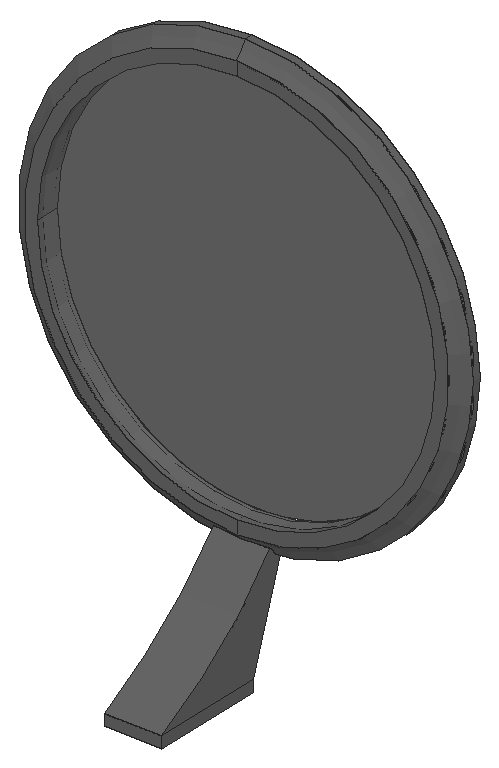
Revit family "UR-Ouro Arm Mount", category Lighting Fixtures, host Face, Revit 2021
Family settings
  Host = Face
  Round Connector Dimension = Use Diameter
  Part Type = Normal
  OmniClass Number = 23.80.70.14.21
  OmniClass Title = Street and Roadway Lighting
  Cut with Voids When Loaded = No
  Light Source = Yes
  Shared = No
  Room Calculation Point = No
Parameters (values of type "UR20-24L-25-4K7-5R-CLR")
  zz Radius 1 = if(UR28, 12.750", 8.750")  # 8.750"
  zz Length 2 = if(UR28, 4.900", 4.800")  # 4.800"
  zz Length 1 = if(UR28, 28.000", 20.000")  # 20.000"
  zz Height 2 = if(UR28, 4.400", 3.500")  # 3.500"
  zz Height 1 = if(UR28, 5.900", 5.700")  # 5.700"
  Watts = 25 W
  Wattage Comments = "Ouro 20 delivers up to 17,000 lumens"
  Wattage = 25 W
  built-in parameter 1150110 = 1 (stored number, unit not read)
  Voltage = 120 V
  URL = "https://www.currentlighting.com/kimlighting"
  UR28 = not(UR20)  # no
  UR20 = yes
  built-in parameter 1114217 = 1 (stored number, unit not read)
  Tilt Angle = 90.00°  # constant formula
  built-in parameter 1150109 = 1 (stored number, unit not read)
  built-in parameter 1150134 = 12
  built-in parameter 1150113 = 1 (stored number, unit not read)
  Product Page URL = ""
  Product Material = Black
  Product Documentation Link = ""
  Power Factor = 1
  Photometric Web Link = ""
  Photometric Web File = "UR20-24L-25-4K7-5R-CLR.IES"
  Photometric Note = "Photometric Web Files dowload in the Web link"  # constant formula
  Model = "KIM UR20"
  Manufacturer = "KIM Lighting"  # constant formula
  built-in parameter 1150105 = 242.71 (stored number, unit not read)
  Lumens = 3050 lm
  built-in parameter 1150115 = 1 (stored number, unit not read)
  Load Classification = Lighting
  built-in parameter 1150137 = (empty or 0)
  built-in parameter 1150139 = (empty or 0)
  Lens = "Clear Lens"
  built-in parameter 1150112 = 1 (stored number, unit not read)
  built-in parameter 1150114 = 1 (stored number, unit not read)
  Lamp = "Ouro ™ LED "  # constant formula
  LED Engine = "24L-25"
  built-in parameter 1150132 = (empty or 0)
  built-in parameter 1150102 = (empty or 0)
  built-in parameter 1150107 = 4000 (stored number, unit not read)
  built-in parameter 1150138 = (empty or 0)
  built-in parameter 1150106 = 2.4271 (stored number, unit not read)
  Glass = White Glass
  Emit from Circle Diameter = zz Radius 1 * 2  # 17.500"
  Emit Shape Visible in Rendering = no
  built-in parameter 1150104 = 11.334 (stored number, unit not read)
  Distribution = "5R-Type V Rectangular"
  Dimming Lamp Color Temperature Shift = <None>
  Description = "Ouro is a seamless blend of elegant form, performance, visual comfort, controls, scalability and mounting options to enhance the environment in which they occupy"  # constant formula
  Default Elevation = 48.000"
  Color Filter = 16777215
  CCT = "4K7-4000K, 70 CRI"
  built-in parameter 1114218 = 1 (stored number, unit not read)
  built-in parameter 1150133 = 10 (stored number, unit not read)
  Apparent Load = Watts / Power Factor  # 25 VA
Types (7): name | zz Radius 1 | zz Length 2 | zz Length 1 | zz Height 2 | zz Height 1 | Watts | Wattage Comments | Wattage | UR28 | UR20 | built-in parameter 1150134 | Photometric Web File | Model | built-in parameter 1150105 | Lumens | Lens | LED Engine | built-in parameter 1150107 | built-in parameter 1150106 | Emit from Circle Diameter | built-in parameter 1150104 | Distribution | CCT | Apparent Load
  (no name) | 8.750" | 4.800" | 20.000" | 3.500" | 5.700" | 25 W | "Ouro 20 delivers up to 17,000 lumens" | 25 W | no | yes | 12 | "UR20-24L-25-4K7-5R-CLR.IES" | "KIM UR20" | 242.71 (stored number, unit not read) | 3050 lm | "Clear Lens" | "24L-25" | 4000 (stored number, unit not read) | 2.4271 (stored number, unit not read) | 17.500" | 11.334 (stored number, unit not read) | "5R-Type V Rectangular" | "4K7-4000K, 70 CRI" | 25 VA
  UR28-96L-315-4K7-5R | 12.750" | 4.900" | 28.000" | 4.400" | 5.900" | 315 W | "Ouro 28 delivers up to 35,000 lumens" | 315 W | yes | no | 12 | "UR28-96L-315-4K7-5R.IES" | "KIM UR28" | 2807.5 (stored number, unit not read) | 35280 lm | "Clear Lens" | "96L-315" | 4000 (stored number, unit not read) | 28.075 (stored number, unit not read) | 25.500" | 10.405 (stored number, unit not read) | "5R - Type V Rectangular" | "4K7-4000K, 70 CRI" | 315 VA
  UR28-96L-170-3K7-4 | 12.750" | 4.900" | 28.000" | 4.400" | 5.900" | 170 W | "Ouro 28 delivers up to 35,000 lumens" | 170 W | yes | no | (empty or 0) | "UR28-96L-170-3K7-4.IES" | "KIM UR28" | 1704.5 (stored number, unit not read) | 21420 lm | "No Lens" | "96L-170" | 3000 (stored number, unit not read) | 17.045 (stored number, unit not read) | 25.500" | 11.706 (stored number, unit not read) | "4 - Type IV" | "3K7 3000K, 70 CRI" | 170 VA
  UR28-96L-185-5K7-FR | 12.750" | 4.900" | 28.000" | 4.400" | 5.900" | 185 W | "Ouro 28 delivers up to 35,000 lumens" | 185 W | yes | no | 2 | "UR28-96L-185-5K7-FR.IES" | "KIM UR28" | 1869.7 (stored number, unit not read) | 23495 lm | "Clear Lens" | "96L-185" | 5000 (stored number, unit not read) | 18.697 (stored number, unit not read) | 25.500" | 11.799 (stored number, unit not read) | "FR-Type 1/Front Row" | "5K7-5000K, 70 CRI" | 185 VA
  UR20-24L-65-4K7-5QM | 8.750" | 4.800" | 20.000" | 3.500" | 5.700" | 65 W | "Ouro 20 delivers up to 17,000 lumens" | 65 W | no | yes | 12 | "UR20-24L-65-4K7-5QM.IES" | "KIM UR20" | 568.98 (stored number, unit not read) | 7150 lm | "Clear Lens" | "24L-65" | 4000 (stored number, unit not read) | 5.6898 (stored number, unit not read) | 17.500" | 10.219 (stored number, unit not read) | "5QM-Type V Square Medium" | "4K7-4000K, 70 CRI" | 65 VA
  UR20-24L-25-4K7-5R-CLR | 8.750" | 4.800" | 20.000" | 3.500" | 5.700" | 25 W | "Ouro 20 delivers up to 17,000 lumens" | 25 W | no | yes | 12 | "UR20-24L-25-4K7-5R-CLR.IES" | "KIM UR20" | 242.71 (stored number, unit not read) | 3050 lm | "Clear Lens" | "24L-25" | 4000 (stored number, unit not read) | 2.4271 (stored number, unit not read) | 17.500" | 11.334 (stored number, unit not read) | "5R-Type V Rectangular" | "4K7-4000K, 70 CRI" | 25 VA
  UR20-68L-150-5K7-3 | 8.750" | 4.800" | 20.000" | 3.500" | 5.700" | 150 W | "Ouro 20 delivers up to 17,000 lumens" | 150 W | no | yes | 2 | "UR20-68L-150-5K7-3.IES" | "KIM UR20" | 1229.5 (stored number, unit not read) | 15450 lm | "High Diffusion Lens" | "68L-150" | 5000 (stored number, unit not read) | 12.295 (stored number, unit not read) | 17.500" | 9.569 (stored number, unit not read) | "3-Type III" | "5K7-5000K, 70 CRI" | 150 VA
Reference planes (in)
  plane 1 "Center (Front/Back)": y = 0
  plane 2: z = 0
  plane 3 "Center (Left/Right)": x = 0
  plane 4: z = 0.5
  plane 5: z = 24.8
  plane 6: z = 4.8
  plane 7: z = 14.8
  plane 8: y = -2.5
  plane 9: y = 3.2
  plane 10: y = 6.7
  plane 11: y = 2.5
  plane 12: x = -1.25
  plane 13: x = 1.25
Forms (in)
  Extrusion 1, solid, material "Black" <- "Product Material"
    sketch origin (0, 0, 0) x (1, 0, 0) y (0, 1, 0)
      loop
        line (-1.25, 2.5) -> (-1.25, -2.5) -> (1.25, -2.5) -> (1.25, 2.5) -> (-1.25, 2.5)
    from 0 to 0.5
  Revolve 2, solid, material "Black" <- "Product Material"
    sketch origin (0, 0, 0) x (0, 1, 0) y (0, 0, 1)
      loop
        line (3.7, 4.8) -> (4.03286, 4.8)
        arc (4.03286, 4.8) -> (6.02176, 9.62521) -> (6.7, 14.8) r 20.08023
        line (6.7, 14.8) -> (3.2, 14.8) -> (3.2, 5.47302)
        arc (3.2, 5.47302) -> (3.48198, 5.16027) -> (3.7, 4.8) r 2.22552
      axis (3.2, 14.8) -> (6.7, 14.8)
    angle from 0 to 360
  Extrusion 3, solid, material "Black" <- "Product Material"
    sketch origin (0, 0, 0) x (0, 1, 0) y (0, 0, 1)
      loop
        arc (2.5, 0.5) -> (3.44443, 2.83216) -> (4.14086, 5.25) r 24.12874
        line (4.14086, 5.25) -> (3.46046, 5.25)
        arc (3.46046, 5.25) -> (0.74324, 2.54497) -> (-2.5, 0.5) r 17.41699
        line (-2.5, 0.5) -> (2.5, 0.5)
    from -1.25 to 1.25
  Extrusion 4, void
    sketch origin (0, 0, 0) x (1, 0, 0) y (0, 0, 1)
      loop
        circle (0, 14.8) r 8.75
    from -4.23286 to -3.2
  Extrusion 5, solid, material "White Glass" <- "Glass"
    sketch origin (0, 0, 0) x (1, 0, 0) y (0, 0, 1)
      loop
        circle (0, 14.8) r 8.75
    from -4.03286 to -3.43784
Cuts and joins
  Extrusion 4 cuts Revolve 2
Dimensions and locks (in)
  plane 4 to plane 2 = 0.500"
  plane 6 to plane 4 = 4.300"
  "zz Length 1": plane 5 to plane 6
  equal spacing: plane 5, plane 7, plane 6
  locked: plane 1 "Center (Front/Back)" to plane 8 at 2.5
  "zz Height 1": plane 9 to plane 8
  "zz Height 2": plane 10 to plane 9
  locked: plane 11 to plane 1 "Center (Front/Back)" at 2.5
  equal spacing: plane 12, plane 3 "Center (Left/Right)", plane 13
  plane 3 "Center (Left/Right)" to plane 13 = 1.250"
  locked: Extrusion 3 sketch curve to plane 6 at 0.45
  "zz Length 2": plane 6 to plane 2
  "zz Radius 1": radius of Extrusion 4 sketch curve
  "zz Radius 1": radius of Extrusion 5 sketch curve
  aligned and locked: plane 2 to host face
  aligned and locked: level to host face
  aligned and locked: plane 11 to Extrusion 1 sketch curve
  aligned and locked: plane 12 to Extrusion 1 sketch curve
  aligned and locked: Extrusion 1 sketch curve to plane 8
  aligned and locked: plane 13 to Extrusion 1 sketch curve
  aligned and locked: plane 4 to Extrusion 1
  aligned and locked: plane 7 to Revolve 2 sketch curve
  aligned and locked: plane 6 to Revolve 2 sketch curve
  aligned and locked: plane 9 to Revolve 2 sketch curve
  aligned and locked: Extrusion 3 sketch curve to plane 4
  aligned and locked: Extrusion 3 to plane 13
  aligned and locked: Extrusion 3 to plane 12
  aligned and locked: plane 3 "Center (Left/Right)" to Extrusion 4 sketch curve
  aligned and locked: plane 7 to Extrusion 4 sketch curve
  aligned and locked: plane 9 to Extrusion 4
  aligned and locked: plane 3 "Center (Left/Right)" to Extrusion 5 sketch curve
  aligned and locked: plane 7 to Extrusion 5 sketch curve
  aligned and locked: imposter light to plane 9
  aligned and locked: plane 3 "Center (Left/Right)" to imposter light
  aligned and locked: plane 7 to imposter light
Automatic sketch dimensions
  host sketch curve to host sketch curve = 96.000"  (x2)
  Revolve 2 sketch curve to plane 10 = 0.000"
  plane 6 to Revolve 2 sketch curve = 0.67302"
  Revolve 2 sketch curve to plane 7 = 0.000"
  Revolve 2 sketch curve to plane 9 = 0.500"
  Revolve 2 sketch curve to Revolve 2 sketch curve = 0.33286"
  Revolve 2 sketch curve to plane 1 "Center (Front/Back)" = 1.250"
  plane 11 to Revolve 2 sketch curve = 0.80449"
  Revolve 2 sketch curve to Revolve 2 sketch curve = 2.050"
  Extrusion 3 sketch curve to plane 8 = 0.000"
  Extrusion 3 sketch curve to plane 11 = 0.000"
  Extrusion 3 sketch curve to plane 9 = 0.26046"
  Extrusion 3 sketch curve to Extrusion 3 sketch curve = 0.6804"
  Extrusion 3 sketch curve to plane 7 = 4.08953"
  plane 7 to Extrusion 3 sketch curve = 1.36581"
Connectors (in)
  electrical at (0, 0, 0), driven by "Load Classification", driven by "Voltage", driven by "Apparent Load", driven by "Power Factor"
    settings: on Extrusion 1, index 1, voltage 120 V, apparent load 25 VA, apparent load phase1 0 VA, apparent load phase2 0 VA, apparent load phase3 0 VA, power factor 1, load classification "Lighting", number of poles 1, system type 30, power factor state 1, is connector primary yes, connector utility no, sub classification motor no, connector description "Lighting Connector"
